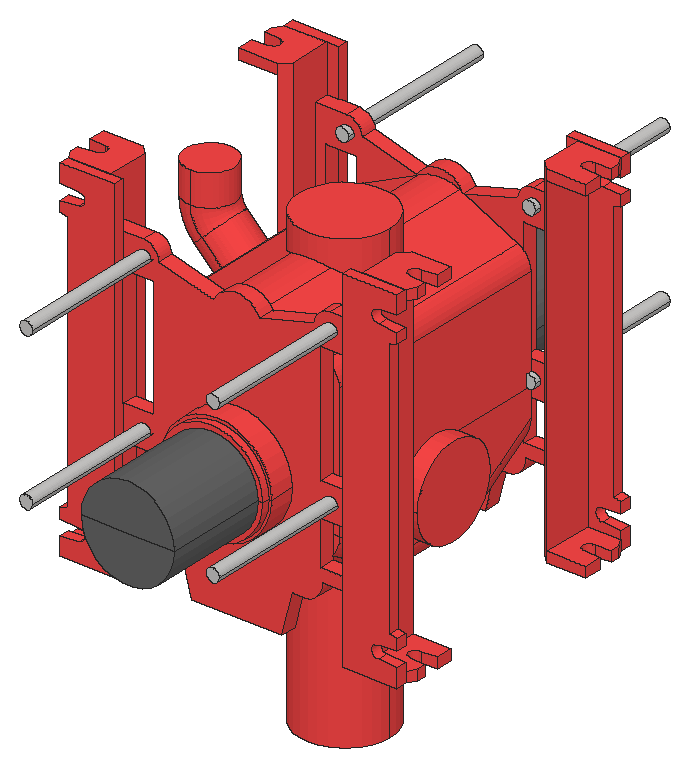
Revit family
Parameters (values of type "Standard Length")
  Vertical Pipe Nominal Radius = 2"
  Vertical Pipe Nominal Diameter = Vertical Pipe Nominal Radius * 2  # 4"
  Vent Nominal Radius = 1"
  Vent Nominal Diameter = Vent Nominal Radius * 2  # 2"
  Vent Flow = 0 GPM
  URL = "http://tylerpipe.com/"
  Type Comments = ""
  Slope Adjustment = yes
  Side Waste Inlet Standard Radius = 2"
  Side Waste Inlet Standard Diameter = Side Waste Inlet Standard Radius * 2  # 4"
  Rough-In Height [instance] = 0' - 6 1/2"
  Plastic Nipple Material = Plastic - Tyler Pipe - Black
  Plastic Nipple Length = 0' - 5"
  Pipe Material = Metal - Tyler Pipe - Cast Iron
  Model = "340-ND"
  Manufacturer = "Tyler Pipe"
  Main Out Flush = Main In Flow + Horizontal In Flow + Flush Flow 1 + Flush Flow 2 + Vent Flow  # 0 GPM
  Main In Flow = 0 GPM
  Horizontal In Flow = 0 GPM
  Horizontal Connection Height [instance] = 0' - 4 137/256"
  Horizontal Pipe Outer Radius = 2 3/16"
  Horizontal Pipe Nominal Radius = 2"
  Horizontal Pipe Nominal Diameter = Horizontal Pipe Nominal Radius * 2  # 4"
  Flush Flow 2 = 0 GPM
  Flush Flow 1 = 0 GPM
  Description = "Back To Back Adjustable Vertical No-Hub Carrier"
  CALC_Slope H = 0' - 0 7/64"
  CALC_Outlet Length = 0' - 5 1/4"
  CALC_Main Length = -0' - 10 3/8"
  Bracket Material = Metal - Tyler Pipe - Cast Iron
  Bolt Material = Metal - Tyler Pipe - Stainless Steel
  Bolt Length = 0' - 7 9/128"
  Assembly Code = "D2030100"
Reference planes (in)
  plane 1 "Center (Front/Back)": y = 0
  plane 2: z = 0
  plane 3 "Center (Left/Right)": x = 0
  plane 4 "Rough-In": z = 6.5
  plane 5 "Main Fitting Outlet": z = 4.42578
  plane 6 "Top": z = 17
  plane 7 "Support Foot Left": x = -8.375
  plane 8 "Support Foot Right": x = 8.375
  plane 9 "Carrier Faceplate Back": y = 7
  plane 10 "Carrier Faceplate Front": y = -7
  plane 11 "Faceplate Back": y = 6.5
  plane 12 "Faceplate Front": y = -6.5
  plane 13: x = -8.125
  plane 14: x = 8.125
  plane 15 "Bolts Left": x = -4.5
  plane 16 "Bolts Right": x = 4.5
  plane 17 "Bolts Front": y = -13.57031
  plane 18 "Bolts Back": y = 13.57031
  plane 19 "Main Fitting Inlet": z = 4.53516
  plane 20 "O": x = -1.5
  plane 21 "Outlet": x = 5.25
  plane 22 "Vent": x = 4
  plane 23 "V": z = 11.3959
  plane 24 "Bottom Side Inlet Geometry": z = 2.34777
  plane 25: z = 16.5
  plane 26: z = 0.5
  plane 27: x = -6.49997
  plane 28: x = 6.51229
  plane 29: z = 6.5
  plane 30: z = 6.5
  plane 31: z = 6.5
  plane 32 "Bolts Front Back": y = -5.48803
  plane 33 "Bolts Back Front": y = 5.48803
  plane 34: z = 6.5
  plane 35 "Side Inlet Front": y = -13.06327
  plane 36 "Side Inlet Back": y = 13.06327
  plane 37: y = -8.06327
  plane 38: y = 8.06327
  plane 39 "Inlet": x = -5.125
  plane 40 "Vent Height": z = 14.70546
Forms (in)
  Extrusion 1, solid, material "Metal - Tyler Pipe - Cast Iron" <- "Pipe Material", detail levels medium+fine
    sketch origin (5.25, 0, 4.42578) x (0, -1, 0) y (-0.010543, 0, -0.999944)
      loop
        circle (0, 0) r 2.1875
    from 0 to -10.375 <- "CALC_Main Length"
  Extrusion 2, solid, material "Metal - Tyler Pipe - Cast Iron" <- "Bracket Material", detail levels fine
    sketch origin (0, -7, 0) x (-1, 0, 0) y (0, 0, -1)
      loop
        line (8.12501, 0) -> (5.49997, 0) -> (5.49997, -16.99997) -> (8.12501, -16.99997) -> (8.12501, -16.11913) -> (7.22821, -16.05642)
        arc (7.22821, -16.05642) -> (6.91647, -15.74468) -> (7.22821, -15.43294) r 0.31174
        line (7.22821, -15.43294) -> (8.12498, -15.37024) -> (8.12498, -14.86967) -> (7.75, -14.7692) -> (7.75, -2.22548) -> (8.12498, -2.12501) -> (8.12498, -1.62445) -> (7.22821, -1.56174)
        arc (7.22821, -1.56174) -> (6.91647, -1.25) -> (7.22821, -0.93826) r 0.31174
        line (7.22821, -0.93826) -> (8.12501, -0.87555) -> (8.12501, 0)
      loop
        line (-5.49997, -16.99997) -> (-5.49997, 0) -> (-8.12501, 0) -> (-8.12501, -0.87555) -> (-7.22821, -0.93826)
        arc (-7.22821, -0.93826) -> (-6.91647, -1.25) -> (-7.22821, -1.56174) r 0.31174
        line (-7.22821, -1.56174) -> (-8.12498, -1.62445) -> (-8.12498, -2.12501) -> (-7.75, -2.22548) -> (-7.75, -14.7692) -> (-8.12498, -14.86967) -> (-8.12498, -15.37024) -> (-7.22821, -15.43294)
        arc (-7.22821, -15.43294) -> (-6.91647, -15.74468) -> (-7.22821, -16.05642) r 0.31174
        line (-7.22821, -16.05642) -> (-8.12501, -16.11913) -> (-8.12501, -16.99997) -> (-5.49997, -16.99997)
    from 0 to -0.5
  Extrusion 3, solid, material "Metal - Tyler Pipe - Cast Iron" <- "Bracket Material", detail levels fine
    sketch origin (0, 7, 0) x (-1, 0, 0) y (0, 0, 1)
      loop
        line (8.12501, 0) -> (8.12501, 0.87555) -> (7.22821, 0.93826)
        arc (7.22821, 0.93826) -> (6.91647, 1.25) -> (7.22821, 1.56174) r 0.31174
        line (7.22821, 1.56174) -> (8.12498, 1.62444) -> (8.12498, 2.12501) -> (7.75, 2.22548) -> (7.75, 14.7692) -> (8.12498, 14.86967) -> (8.12498, 15.37023) -> (7.22821, 15.43294)
        arc (7.22821, 15.43294) -> (6.91647, 15.74468) -> (7.22821, 16.05642) r 0.31174
        line (7.22821, 16.05642) -> (8.12501, 16.11913) -> (8.12501, 16.99997) -> (5.49997, 16.99997) -> (5.49997, 0) -> (8.12501, 0)
      loop
        line (-5.49997, 16.99997) -> (-8.12501, 16.99997) -> (-8.12501, 16.11913) -> (-7.22821, 16.05642)
        arc (-7.22821, 16.05642) -> (-6.91647, 15.74468) -> (-7.22821, 15.43294) r 0.31174
        line (-7.22821, 15.43294) -> (-8.12498, 15.37023) -> (-8.12498, 14.86967) -> (-7.75, 14.7692) -> (-7.75, 2.22548) -> (-8.12498, 2.12501) -> (-8.12498, 1.62444) -> (-7.22821, 1.56174)
        arc (-7.22821, 1.56174) -> (-6.91647, 1.25) -> (-7.22821, 0.93826) r 0.31174
        line (-7.22821, 0.93826) -> (-8.12501, 0.87555) -> (-8.12501, 0) -> (-5.49997, 0) -> (-5.49997, 16.99997)
    from 0 to -0.5
  Extrusion 4, solid, material "Metal - Tyler Pipe - Cast Iron" <- "Bracket Material", detail levels fine
    sketch origin (0, 0, 0) x (1, 0, 0) y (0, 1, 0)
      loop
        line (-8.37498, -6.0625) -> (-8.12501, -6.5) -> (-6.06247, -6.5) -> (-6.06247, -4.5) -> (-6.49997, -4.0625) -> (-8.37498, -4.0625) -> (-8.37498, -4.875) -> (-7.59946, -4.93854)
        arc (-7.59946, -4.93854) -> (-7.288, -5.25) -> (-7.59946, -5.56146) r 0.31146
        line (-7.59946, -5.56146) -> (-8.37498, -5.625) -> (-8.37498, -6.0625)
      loop
        line (6.06247, -4.5) -> (6.06247, -6.5) -> (8.12501, -6.5) -> (8.37498, -6.0625) -> (8.37498, -5.625) -> (7.59946, -5.56146)
        arc (7.59946, -5.56146) -> (7.288, -5.25) -> (7.59946, -4.93854) r 0.31146
        line (7.59946, -4.93854) -> (8.37498, -4.875) -> (8.37498, -4.0625) -> (6.49997, -4.0625) -> (6.06247, -4.5)
      loop
        line (8.37498, 6.0625) -> (8.12501, 6.5) -> (6.06247, 6.5) -> (6.06247, 4.5) -> (6.49997, 4.0625) -> (8.37498, 4.0625) -> (8.37498, 4.875) -> (7.59946, 4.93854)
        arc (7.59946, 4.93854) -> (7.288, 5.25) -> (7.59946, 5.56146) r 0.31146
        line (7.59946, 5.56146) -> (8.37498, 5.625) -> (8.37498, 6.0625)
      loop
        line (-8.37498, 6.0625) -> (-8.37498, 5.625) -> (-7.59946, 5.56146)
        arc (-7.59946, 5.56146) -> (-7.288, 5.25) -> (-7.59946, 4.93854) r 0.31146
        line (-7.59946, 4.93854) -> (-8.37498, 4.875) -> (-8.37498, 4.0625) -> (-6.49997, 4.0625) -> (-6.06247, 4.5) -> (-6.06247, 6.5) -> (-8.12501, 6.5) -> (-8.37498, 6.0625)
    from 0 to 17
  Extrusion 5, void
    sketch origin (0, 7, 0) x (-1, 0, 0) y (0, 0, 1)
      loop
        line (9.12254, 16.5) -> (6.49997, 16.5) -> (6.49997, 0.5) -> (9.12254, 0.5) -> (9.12254, 16.5)
      loop
        line (-9.26801, 16.5) -> (-9.26801, 0.5) -> (-6.51229, 0.5) -> (-6.51229, 16.5) -> (-9.26801, 16.5)
    from -13.5 to 0.5
  Extrusion 6, solid, material "Metal - Tyler Pipe - Cast Iron" <- "Bracket Material", detail levels fine
    sketch origin (0, -6.5, 0) x (-1, 0, 0) y (0, 0, -1)
      loop
        line (5.49997, -13.125) -> (5.49997, -7.3125) -> (4.03125, -7.3125) -> (4.03125, -13.125) -> (5.49997, -13.125)
      loop
        line (6.06247, -14.75) -> (6.06247, -2.9375) -> (4.13677, -2.9375)
        arc (4.13677, -2.9375) -> (3.90415, -2.27848) -> (3.26316, -2) r 0.875
        line (3.26316, -2) -> (2.685, -2) -> (2.18492, 0) -> (-2.18492, 0) -> (-2.685, -2) -> (-3.26316, -2)
        arc (-3.26316, -2) -> (-3.90415, -2.27848) -> (-4.13677, -2.9375) r 0.875
        line (-4.13677, -2.9375) -> (-6.06247, -2.9375) -> (-6.06247, -14.75) -> (-4.5, -14.75)
        arc (-4.5, -14.75) -> (-3.98825, -14.54828) -> (-3.75178, -14.05163) r 0.75
        line (-3.75178, -14.05163) -> (-1.11315, -13.31868)
        arc (-1.11315, -13.31868) -> (0, -14) -> (1.11315, -13.31868) r 1.25
        line (1.11315, -13.31868) -> (3.75178, -14.05163)
        arc (3.75178, -14.05163) -> (3.98825, -14.54828) -> (4.5, -14.75) r 0.75
        line (4.5, -14.75) -> (6.06247, -14.75)
      loop
        line (5.49997, -3.5625) -> (4.03125, -3.5625) -> (4.03125, -5.6875) -> (5.49997, -5.6875) -> (5.49997, -3.5625)
      loop
        line (-5.49997, -13.125) -> (-4.03125, -13.125) -> (-4.03125, -7.3125) -> (-5.49997, -7.3125) -> (-5.49997, -13.125)
      loop
        line (-5.49997, -3.5625) -> (-5.49997, -5.6875) -> (-4.03125, -5.6875) -> (-4.03125, -3.5625) -> (-5.49997, -3.5625)
    from 0 to -0.75
  Extrusion 7, solid, material "Metal - Tyler Pipe - Cast Iron" <- "Bracket Material", detail levels fine
    sketch origin (0, 6.5, 0) x (-1, 0, 0) y (0, 0, 1)
      loop
        line (5.49997, 13.125) -> (4.03125, 13.125) -> (4.03125, 7.3125) -> (5.49997, 7.3125) -> (5.49997, 13.125)
      loop
        line (6.06247, 14.75) -> (4.5, 14.75)
        arc (4.5, 14.75) -> (3.98825, 14.54828) -> (3.75178, 14.05163) r 0.75
        line (3.75178, 14.05163) -> (1.11315, 13.31868)
        arc (1.11315, 13.31868) -> (0, 14) -> (-1.11315, 13.31868) r 1.25
        line (-1.11315, 13.31868) -> (-3.75178, 14.05163)
        arc (-3.75178, 14.05163) -> (-3.98825, 14.54828) -> (-4.5, 14.75) r 0.75
        line (-4.5, 14.75) -> (-6.06247, 14.75) -> (-6.06247, 2.9375) -> (-4.13677, 2.9375)
        arc (-4.13677, 2.9375) -> (-3.90415, 2.27848) -> (-3.26316, 2) r 0.875
        line (-3.26316, 2) -> (-2.685, 2) -> (-2.18492, 0) -> (2.18492, 0) -> (2.685, 2) -> (3.26316, 2)
        arc (3.26316, 2) -> (3.90415, 2.27848) -> (4.13677, 2.9375) r 0.875
        line (4.13677, 2.9375) -> (6.06247, 2.9375) -> (6.06247, 14.75)
      loop
        line (5.49997, 3.5625) -> (5.49997, 5.6875) -> (4.03125, 5.6875) -> (4.03125, 3.5625) -> (5.49997, 3.5625)
      loop
        line (-5.49997, 13.125) -> (-5.49997, 7.3125) -> (-4.03125, 7.3125) -> (-4.03125, 13.125) -> (-5.49997, 13.125)
      loop
        line (-5.49997, 3.5625) -> (-4.03125, 3.5625) -> (-4.03125, 5.6875) -> (-5.49997, 5.6875) -> (-5.49997, 3.5625)
    from 0 to -0.75
  Revolve 8, solid, material "Metal - Tyler Pipe - Cast Iron" <- "Pipe Material", detail levels fine
    sketch origin (0, 0, 6.5) x (-1, 0, 0) y (0, -1, 0)
      loop
        line (0, 6.5) -> (2.64908, 6.5) -> (2.64908, 7.71875) -> (2.5, 7.71875) -> (2.5, 8.06327) -> (0, 8.06327) -> (0, 6.5)
      loop
        line (0, -6.5) -> (0, -8.06327) -> (2.5, -8.06327) -> (2.5, -7.71875) -> (2.64908, -7.71875) -> (2.64908, -6.5) -> (0, -6.5)
      axis (0, -8.06327) -> (0, 8.06327)
    angle from 0 to 360
  Extrusion 9, solid, material "Metal - Tyler Pipe - Stainless Steel" <- "Bolt Material", detail levels fine
    sketch origin (0, -6.5, 0) x (-1, 0, 0) y (0, 0, -1)
      loop
        circle (4.5, -14) r 0.3125
      loop
        circle (4.5, -6.5) r 0.3125
      loop
        circle (-4.5, -14) r 0.3125
      loop
        circle (-4.5, -6.5) r 0.3125
    from 7.07031 to -1.01197
  Extrusion 10, solid, material "Metal - Tyler Pipe - Stainless Steel" <- "Bolt Material", detail levels fine
    sketch origin (0, 6.5, 0) x (-1, 0, 0) y (0, 0, 1)
      loop
        circle (4.5, 14) r 0.3125
      loop
        circle (4.5, 6.5) r 0.3125
      loop
        circle (-4.5, 14) r 0.3125
      loop
        circle (-4.5, 6.5) r 0.3125
    from 7.07031 to -1.01197
  Revolve 11, solid, material "Plastic - Tyler Pipe - Black" <- "Plastic Nipple Material", detail levels medium+fine
    sketch origin (0, 0, 6.5) x (-1, 0, 0) y (0, -1, 0)
      loop
        line (0, 5.75) -> (0, 13.06327) -> (-2.25, 13.06327) -> (-2.25, 5.75) -> (0, 5.75)
      loop
        line (0, -5.75) -> (-2.25, -5.75) -> (-2.25, -13.06327) -> (0, -13.06327) -> (0, -5.75)
      axis (0, -13.06327) -> (0, 13.06327)
    angle from 0 to 360
  Extrusion 12, solid, material "Metal - Tyler Pipe - Cast Iron" <- "Bracket Material", detail levels medium
    sketch origin (0, 0, 4.42578) x (-1, 0, 0) y (0, -1, 0)
      loop
        line (8.375, -7) -> (8.375, -4.0625) -> (-8.375, -4.0625) -> (-8.375, -7) -> (8.375, -7)
      loop
        line (8.375, 7) -> (-8.375, 7) -> (-8.375, 4.0625) -> (8.375, 4.0625) -> (8.375, 7)
    from 12.57422 to -4.42578
  Extrusion 13, solid, material "Metal - Tyler Pipe - Cast Iron" <- "Pipe Material", detail levels fine
    sketch origin (0, -6.5, 0) x (-1, 0, 0) y (0, 0, -1)
      loop
        arc (3.73213, -12.08095) -> (4.18796, -11.67498) -> (4.36056, -11.0895) r 1.11114
        line (4.36056, -11.0895) -> (4.36056, -6.13768) -> (-4.36056, -6.13768) -> (-4.36056, -11.0895)
        arc (-4.36056, -11.0895) -> (-4.18796, -11.67498) -> (-3.73213, -12.08095) r 1.11114
        line (-3.73213, -12.08095) -> (-0.93697, -13.42897)
        arc (-0.93697, -13.42897) -> (0, -13.64311) -> (0.93697, -13.42897) r 2.15697
        line (0.93697, -13.42897) -> (3.73213, -12.08095)
    from -0.75 to -12.25
  Sweep 14, solid, material "Metal - Tyler Pipe - Cast Iron" <- "Pipe Material", detail levels fine
    path origin (0, 0, 0) x (0, 1, 0) y (0, 0, 1)
      loop
        line (-5.75, 5.24184) -> (-1.92239, 2.87906) -> (1.79739, 2.87906) -> (5.625, 5.24184)
    profile origin (0, -3.83619, 4.06045) x (0, 0.525279, 0.85093) y (1, 0, 0)
      loop
        arc (-0.5, 4.36056) -> (-0.92032, 4.27415) -> (-1.27655, 4.03491) r 1.11114
        arc (-1.27655, 4.03491) -> (-1.8423, 2.75045) -> (-2.41142, 1.46748) r 534.00949
        arc (-2.41142, 1.46748) -> (-2.48755, 1.28006) -> (-2.55113, 1.08801) r 3.0625
        line (-2.55113, 1.08801) -> (-2.55113, -1.08801)
        arc (-2.55113, -1.08801) -> (-2.48755, -1.28006) -> (-2.41142, -1.46748) r 3.0625
        arc (-2.41142, -1.46748) -> (-1.8423, -2.75045) -> (-1.27655, -4.03491) r 534.00949
        arc (-1.27655, -4.03491) -> (-0.92032, -4.27415) -> (-0.5, -4.36056) r 1.11114
        line (-0.5, -4.36056) -> (-0.5, 4.36056)
  Extrusion 15, void
    sketch origin (0, 0, 0) x (0, 1, 0) y (0, 0, 1)
      loop
        line (-5.75, 8.0625) -> (-10, 8.0625) -> (-10, 1.5625) -> (-5.75, 1.5625) -> (-5.75, 8.0625)
      loop
        line (5.75, 8.0625) -> (5.75, 1.5625) -> (10, 1.5625) -> (10, 8.0625) -> (5.75, 8.0625)
    from 4.5 to -4.5
  Extrusion 16, solid, material "Metal - Tyler Pipe - Cast Iron" <- "Pipe Material", detail levels medium+fine
    sketch origin (0, 0, 0) x (0, 1, 0) y (0, 0, 1)
      loop
        line (-5.75, 6.13768) -> (-5.75, 4.65425) -> (-2.06428, 2.37906) -> (1.93928, 2.37906) -> (5.75, 4.73141) -> (5.75, 6.13768) -> (-5.75, 6.13768)
    from 4.36056 to -4.36056
  Sweep 17, solid, material "Metal - Tyler Pipe - Cast Iron" <- "Pipe Material", detail levels medium+fine
    path origin (0, 0, 0) x (1, 0, 0) y (0, 0, 1)
      loop
        line (-6.4992, 14.70546) -> (-6.4992, 13.19483)
        arc (-6.4992, 13.19483) -> (-6.36339, 12.51204) -> (-5.97662, 11.9332) r 1.78422
        line (-5.97662, 11.9332) -> (-1.02687, 6.98345)
    profile origin (-6.4992, 0, 13.95014) x (0, -1, 0) y (1, 0, 0)
      loop
        circle (0, 0) r 1.17578
  Extrusion 18, solid, material "Metal - Tyler Pipe - Cast Iron" <- "Pipe Material", detail levels medium+fine
    sketch origin (0, 0, 4.53516) x (-1, 0, 0) y (0, -1, 0)
      loop
        circle (0, 0) r 2.1875
    from 10.1703 to -11.82555
Cuts and joins
  Extrusion 5 cuts Extrusion 4
  Extrusion 15 cuts Sweep 14
Lines and regions (in)
  reference lines, not visible
    curve 1: line (-5.125, 0, 4.53517) -> (5.25, 0, 4.42578)
  model lines, detail levels coarse
    curve 2: line (-5.125, 0, 4.53517) -> (0, 0, 4.48113)
    curve 3: line (0, 13.06327, 6.5) -> (0, -13.06327, 6.5)
    curve 4: line (0, 0, 14.70546) -> (0, 0, -7.2904)
    curve 5: line (-6.49997, 0, 14.70546) -> (-6.49997, 0, 13.4557)
    curve 6: line (-6.49997, 0, 13.4557) -> (0, 0, 11.3959)
Dimensions and locks (in)
  "Rough-In Height": plane 4 "Rough-In" to plane 2
  equal spacing: plane 8 "Support Foot Right", plane 3 "Center (Left/Right)", plane 7 "Support Foot Left"
  locked: plane 6 "Top" to plane 2 at 17
  locked: plane 9 "Carrier Faceplate Back" to plane 10 "Carrier Faceplate Front" at 14
  equal spacing: plane 9 "Carrier Faceplate Back", plane 1 "Center (Front/Back)", plane 10 "Carrier Faceplate Front"
  locked: plane 9 "Carrier Faceplate Back" to plane 11 "Faceplate Back" at 0.5
  locked: plane 10 "Carrier Faceplate Front" to plane 12 "Faceplate Front" at 0.5
  locked: plane 13 to plane 7 "Support Foot Left" at 0.25
  locked: plane 14 to plane 8 "Support Foot Right" at 0.25
  equal spacing: plane 17 "Bolts Front", plane 1 "Center (Front/Back)", plane 18 "Bolts Back"
  "Bolt Length": plane 17 "Bolts Front" to plane 12 "Faceplate Front"
  equal spacing: plane 15 "Bolts Left", plane 3 "Center (Left/Right)", plane 16 "Bolts Right"
  locked: plane 15 "Bolts Left" to plane 16 "Bolts Right" at 9
  plane 20 "O" to plane 3 "Center (Left/Right)" = 0' - 1 1/2"
  "CALC_Outlet Length": plane 3 "Center (Left/Right)" to plane 21 "Outlet"
  "CALC_Slope H": plane 19 "Main Fitting Inlet" to plane 5 "Main Fitting Outlet"
  locked: plane 3 "Center (Left/Right)" to plane 22 "Vent" at 4
  locked: plane 19 "Main Fitting Inlet" to plane 24 "Bottom Side Inlet Geometry" at 2.18738
  locked: plane 6 "Top" to plane 25 at 0.5
  locked: plane 26 to level at 0.5
  locked: plane 23 "V" to plane 5 "Main Fitting Outlet" at 6.97012
  locked: Extrusion 6 sketch curve to plane 29 at 8.25  (x2)
  locked: plane 29 to Extrusion 6 sketch curve at 3.5625  (x2)
  locked: Extrusion 6 sketch curve to plane 29 at 6.625  (x2)
  locked: plane 29 to Extrusion 6 sketch curve at 2.9375  (x2)
  locked: plane 29 to Extrusion 6 sketch curve at 6.5
  locked: Extrusion 7 sketch curve to plane 30 at 8.25  (x2)
  locked: plane 30 to Extrusion 7 sketch curve at 3.5625  (x2)
  locked: plane 30 to Extrusion 7 sketch curve at 2.9375  (x2)
  locked: Extrusion 7 sketch curve to plane 30 at 6.625  (x2)
  locked: plane 30 to Extrusion 7 sketch curve at 6.5
  locked: Extrusion 9 sketch curve to plane 31 at 7.5  (x2)
  locked: Extrusion 6 sketch curve to plane 29 at 0.8125  (x2)
  locked: plane 29 to Extrusion 6 sketch curve at 0.8125  (x2)
  locked: Extrusion 7 sketch curve to plane 30 at 0.8125  (x2)
  locked: plane 30 to Extrusion 7 sketch curve at 0.8125  (x2)
  locked: plane 12 "Faceplate Front" to plane 32 "Bolts Front Back" at 1.01197
  locked: plane 11 "Faceplate Back" to plane 33 "Bolts Back Front" at 1.01197
  locked: Extrusion 10 sketch curve to plane 34 at 7.5  (x2)
  locked: plane 38 to plane 9 "Carrier Faceplate Back" at 1.06327
  locked: plane 37 to plane 10 "Carrier Faceplate Front" at 1.06327
  "Plastic Nipple Length": plane 35 "Side Inlet Front" to plane 37
  "Plastic Nipple Length": plane 38 to plane 36 "Side Inlet Back"
  locked: plane 9 "Carrier Faceplate Back" to Extrusion 12 sketch curve at 2.9375
  locked: plane 10 "Carrier Faceplate Front" to Extrusion 12 sketch curve at 2.9375
  locked: Extrusion 6 sketch curve to plane 29 at 6.25
  locked: plane 29 to Extrusion 6 sketch curve at 3.625  (x2)
  locked: Extrusion 6 sketch curve to plane 29 at 6.81868  (x2)
  locked: plane 30 to Extrusion 7 sketch curve at 6.25
  locked: Extrusion 7 sketch curve to plane 30 at 3.625  (x2)
  locked: plane 30 to Extrusion 7 sketch curve at 6.81868  (x2)
  locked: Extrusion 13 sketch curve to plane 5 "Main Fitting Outlet" at 1.7119
  locked: Extrusion 13 sketch curve to plane 5 "Main Fitting Outlet" at 6.66372  (x2)
  locked: Extrusion 13 sketch curve to plane 5 "Main Fitting Outlet" at 7.65516  (x2)
  locked: Extrusion 13 sketch curve to plane 5 "Main Fitting Outlet" at 9.00319  (x2)
  locked: Sweep 17 sketch curve to plane 5 "Main Fitting Outlet" at 2.55767
  locked: Sweep 17 sketch curve to plane 5 "Main Fitting Outlet" at 7.50741
  locked: Sweep 17 sketch curve to plane 5 "Main Fitting Outlet" at 8.76905
  locked: Sweep 17 sketch curve to plane 5 "Main Fitting Outlet" at 10.27967
  "Horizontal Connection Height": plane 19 "Main Fitting Inlet" to level
  locked: Sweep 14 sketch curve to plane 19 "Main Fitting Inlet" at 0.70668  (x2)
  locked: plane 19 "Main Fitting Inlet" to Sweep 14 sketch curve at 1.6561  (x2)
  locked: Extrusion 15 sketch curve to plane 19 "Main Fitting Inlet" at 3.52734  (x2)
  locked: Extrusion 15 sketch curve to Extrusion 15 sketch curve at 6.5  (x2)
  locked: Extrusion 18 to Extrusion 18 at 21.99585
  locked: plane 21 "Outlet" to plane 39 "Inlet" at 10.375
  locked: plane 40 "Vent Height" to plane 5 "Main Fitting Outlet" at 10.27967
  "Horizontal Pipe Outer Radius": radius of Extrusion 1 sketch curve
  radius of Sweep 17 sketch curve = 0' - 1 45/256"
  radius of Extrusion 18 sketch curve = 0' - 2 3/16"
  aligned and locked: level to plane 2
  aligned and locked: plane 21 "Outlet" to curve 1
  aligned and locked: plane 5 "Main Fitting Outlet" to curve 1
  aligned: curve 1 to Extrusion 1  (x4)
  aligned and locked: Extrusion 2 to plane 12 "Faceplate Front"
  aligned and locked: plane 10 "Carrier Faceplate Front" to Extrusion 2
  aligned and locked: Extrusion 3 to plane 11 "Faceplate Back"
  aligned and locked: plane 9 "Carrier Faceplate Back" to Extrusion 3
  aligned and locked: plane 6 "Top" to Extrusion 4
  aligned and locked: Extrusion 4 to level
  aligned and locked: plane 4 "Rough-In" to plane 29
  aligned and locked: plane 4 "Rough-In" to plane 30
  aligned and locked: Revolve 8 sketch curve to plane 3 "Center (Left/Right)"
  aligned and locked: plane 4 "Rough-In" to plane 31
  aligned and locked: plane 31 to Extrusion 9 sketch curve
  aligned and locked: Extrusion 9 sketch curve to plane 31
  aligned and locked: Extrusion 9 to plane 17 "Bolts Front"
  aligned and locked: plane 32 "Bolts Front Back" to Extrusion 9
  aligned and locked: plane 34 to Extrusion 10 sketch curve
  aligned and locked: Extrusion 10 sketch curve to plane 34
  aligned and locked: Extrusion 10 to plane 18 "Bolts Back"
  aligned and locked: plane 33 "Bolts Back Front" to Extrusion 10
  aligned and locked: plane 35 "Side Inlet Front" to Revolve 11 sketch curve
  aligned and locked: Revolve 11 sketch curve to plane 36 "Side Inlet Back"
  aligned and locked: Revolve 11 sketch curve to plane 3 "Center (Left/Right)"
  aligned and locked: Extrusion 7 to Revolve 11 sketch curve
  aligned and locked: Revolve 11 sketch curve to Extrusion 6
  aligned and locked: Extrusion 12 sketch curve to plane 8 "Support Foot Right"
  aligned and locked: plane 8 "Support Foot Right" to Extrusion 12 sketch curve
  aligned and locked: Extrusion 12 sketch curve to plane 7 "Support Foot Left"
  aligned and locked: plane 7 "Support Foot Left" to Extrusion 12 sketch curve
  aligned and locked: plane 10 "Carrier Faceplate Front" to Extrusion 12 sketch curve
  aligned and locked: Extrusion 12 sketch curve to plane 9 "Carrier Faceplate Back"
  aligned and locked: plane 6 "Top" to Extrusion 12
  aligned and locked: Extrusion 12 to level
  aligned and locked: Extrusion 13 to Extrusion 6
  aligned and locked: Extrusion 16 sketch curve to Extrusion 13
  aligned and locked: plane 4 "Rough-In" to plane 34
  aligned and locked: plane 3 "Center (Left/Right)" to Extrusion 18 sketch curve
  aligned and locked: plane 1 "Center (Front/Back)" to Extrusion 18 sketch curve
  aligned and locked: Extrusion 18 to Sweep 17
  aligned and locked: plane 39 "Inlet" to curve 1
  aligned and locked: plane 39 "Inlet" to curve 2
  aligned and locked: plane 3 "Center (Left/Right)" to curve 2
  aligned and locked: plane 36 "Side Inlet Back" to curve 3
  aligned and locked: plane 35 "Side Inlet Front" to curve 3
  aligned and locked: curve 3 to plane 3 "Center (Left/Right)"
  aligned and locked: Extrusion 18 to curve 4  (x2)
  aligned and locked: curve 4 to plane 3 "Center (Left/Right)"
  aligned and locked: plane 23 "V" to curve 6
  aligned and locked: plane 3 "Center (Left/Right)" to curve 6
  aligned and locked: curve 5 to plane 27
  aligned and locked: plane 40 "Vent Height" to curve 5
Automatic sketch dimensions
  Extrusion 1 sketch curve to plane 1 "Center (Front/Back)" = 0' - 0"
  Extrusion 2 sketch curve to level = 0' - 0"  (x2)
  plane 14 to Extrusion 2 sketch curve = 0' - 0"  (x2)
  Extrusion 2 sketch curve to plane 14 = 0' - 0"  (x2)
  Extrusion 2 sketch curve to plane 14 = 0' - 0 3/8"
  Extrusion 2 sketch curve to plane 28 = 0' - 0.71591"  (x2)
  plane 6 "Top" to Extrusion 2 sketch curve = 0' - 0.00003"  (x2)
  plane 16 "Bolts Right" to Extrusion 2 sketch curve = 0' - 0.99997"
  plane 15 "Bolts Left" to Extrusion 2 sketch curve = 0' - 0.99997"
  plane 27 to Extrusion 2 sketch curve = 0' - 0.72823"  (x2)
  Extrusion 2 sketch curve to plane 26 = 0' - 0.43826"  (x2)
  Extrusion 2 sketch curve to plane 13 = 0' - 0 3/8"
  Extrusion 2 sketch curve to plane 13 = 0' - 0"  (x2)
  plane 13 to Extrusion 2 sketch curve = 0' - 0"  (x2)
  Extrusion 2 sketch curve to plane 26 = 0' - 0.37555"  (x2)
  Extrusion 2 sketch curve to Extrusion 2 sketch curve = 0' - 0.31174"  (x4)
  Extrusion 2 sketch curve to Extrusion 2 sketch curve = 0' - 0.7489"  (x2)
  Extrusion 2 sketch curve to Extrusion 2 sketch curve = 0' - 0.50056"  (x4)
  Extrusion 2 sketch curve to Extrusion 2 sketch curve = 0' - 0.10047"  (x4)
  plane 25 to Extrusion 2 sketch curve = 0' - 1.7308"  (x2)
  Extrusion 2 sketch curve to Extrusion 2 sketch curve = 0' - 0.66374"  (x2)
  plane 25 to Extrusion 2 sketch curve = 0' - 0.38087"  (x2)
  Extrusion 3 sketch curve to level = 0' - 0"  (x2)
  Extrusion 3 sketch curve to plane 14 = 0' - 0"  (x2)
  plane 14 to Extrusion 3 sketch curve = 0' - 0"  (x2)
  plane 14 to Extrusion 3 sketch curve = 0' - 0 3/8"
  plane 28 to Extrusion 3 sketch curve = 0' - 0.71591"  (x2)
  Extrusion 3 sketch curve to plane 6 "Top" = 0' - 0.00003"  (x2)
  Extrusion 3 sketch curve to plane 16 "Bolts Right" = 0' - 0.99997"
  Extrusion 3 sketch curve to plane 15 "Bolts Left" = 0' - 0.99997"
  Extrusion 3 sketch curve to plane 27 = 0' - 0.72823"  (x2)
  plane 26 to Extrusion 3 sketch curve = 0' - 0.43826"  (x2)
  plane 13 to Extrusion 3 sketch curve = 0' - 0 3/8"
  plane 13 to Extrusion 3 sketch curve = 0' - 0"  (x2)
  Extrusion 3 sketch curve to plane 13 = 0' - 0"  (x2)
  plane 26 to Extrusion 3 sketch curve = 0' - 0.37555"  (x2)
  Extrusion 3 sketch curve to Extrusion 3 sketch curve = 0' - 0.31174"  (x4)
  Extrusion 3 sketch curve to Extrusion 3 sketch curve = 0' - 0.7489"  (x2)
  Extrusion 3 sketch curve to Extrusion 3 sketch curve = 0' - 0.50056"  (x4)
  Extrusion 3 sketch curve to Extrusion 3 sketch curve = 0' - 0.10047"  (x4)
  Extrusion 3 sketch curve to plane 25 = 0' - 1.7308"  (x2)
  Extrusion 3 sketch curve to Extrusion 3 sketch curve = 0' - 0.66374"  (x2)
  Extrusion 3 sketch curve to plane 25 = 0' - 0.38087"  (x2)
  plane 12 "Faceplate Front" to Extrusion 4 sketch curve = 0' - 0"  (x2)
  Extrusion 4 sketch curve to plane 11 "Faceplate Back" = 0' - 0"  (x2)
  Extrusion 4 sketch curve to plane 27 = 0' - 0"  (x2)
  plane 13 to Extrusion 4 sketch curve = 0' - 0.52554"  (x2)
  Extrusion 4 sketch curve to plane 13 = 0' - 0"  (x2)
  plane 7 "Support Foot Left" to Extrusion 4 sketch curve = 0' - 0.00002"  (x4)
  plane 27 to Extrusion 4 sketch curve = 0' - 0 7/16"  (x2)
  Extrusion 4 sketch curve to plane 28 = 0' - 0.44982"  (x2)
  Extrusion 4 sketch curve to plane 28 = 0' - 0.01232"  (x2)
  plane 14 to Extrusion 4 sketch curve = 0' - 0.52554"  (x2)
  plane 32 "Bolts Front Back" to Extrusion 4 sketch curve = 0' - 0.23803"  (x2)
  Extrusion 4 sketch curve to plane 14 = 0' - 0"  (x2)
  plane 8 "Support Foot Right" to Extrusion 4 sketch curve = 0' - 0.00002"  (x4)
  Extrusion 4 sketch curve to plane 12 "Faceplate Front" = 0' - 0 7/16"  (x2)
  Extrusion 4 sketch curve to plane 32 "Bolts Front Back" = 0' - 0.13697"  (x2)
  Extrusion 4 sketch curve to plane 32 "Bolts Front Back" = 0' - 0.07343"  (x2)
  plane 32 "Bolts Front Back" to Extrusion 4 sketch curve = 0' - 0.61303"  (x2)
  plane 32 "Bolts Front Back" to Extrusion 4 sketch curve = 0' - 0.98803"  (x2)
  Extrusion 4 sketch curve to Extrusion 4 sketch curve = 0' - 0 13/16"  (x2)
  plane 33 "Bolts Back Front" to Extrusion 4 sketch curve = 0' - 1.42553"  (x2)
  Extrusion 4 sketch curve to Extrusion 4 sketch curve = 0' - 0 7/16"  (x2)
  plane 33 "Bolts Back Front" to Extrusion 4 sketch curve = 0' - 0.61303"  (x2)
  plane 33 "Bolts Back Front" to Extrusion 4 sketch curve = 0' - 0.54949"  (x2)
  plane 33 "Bolts Back Front" to Extrusion 4 sketch curve = 0' - 0.23803"  (x2)
  Extrusion 4 sketch curve to plane 33 "Bolts Back Front" = 0' - 0.13697"  (x2)
  Extrusion 4 sketch curve to plane 11 "Faceplate Back" = 0' - 0 7/16"  (x2)
  Extrusion 5 sketch curve to plane 26 = 0' - 0"  (x2)
  Extrusion 5 sketch curve to plane 25 = 0' - 0"  (x2)
  Extrusion 5 sketch curve to plane 28 = 0' - 0"
  Extrusion 5 sketch curve to plane 27 = 0' - 0"
  Extrusion 5 sketch curve to plane 8 "Support Foot Right" = 0' - 0.89301"
  Extrusion 5 sketch curve to plane 7 "Support Foot Left" = 0' - 0.74754"
  plane 16 "Bolts Right" to Extrusion 6 sketch curve = 0' - 0"
  Extrusion 6 sketch curve to plane 3 "Center (Left/Right)" = 0' - 0"
  Extrusion 6 sketch curve to plane 15 "Bolts Left" = 0' - 0"
  plane 16 "Bolts Right" to Extrusion 6 sketch curve = 0' - 0.99997"  (x2)
  plane 28 to Extrusion 6 sketch curve = 0' - 0.44982"
  Extrusion 6 sketch curve to plane 22 "Vent" = 0' - 0.13677"
  Extrusion 6 sketch curve to plane 22 "Vent" = 0' - 0 1/32"  (x2)
  plane 22 "Vent" to Extrusion 6 sketch curve = 0' - 0.24822"
  plane 22 "Vent" to Extrusion 6 sketch curve = 0' - 0.736"
  plane 22 "Vent" to Extrusion 6 sketch curve = 0' - 0.73684"
  Extrusion 6 sketch curve to Extrusion 6 sketch curve = 0' - 0.57816"  (x2)
  plane 22 "Vent" to Extrusion 6 sketch curve = 0' - 1.81508"
  Extrusion 6 sketch curve to plane 20 "O" = 0' - 0.38685"
  plane 20 "O" to Extrusion 6 sketch curve = 0' - 0.68492"
  plane 20 "O" to Extrusion 6 sketch curve = 0' - 1.185"
  Extrusion 6 sketch curve to Extrusion 6 sketch curve = 0' - 0.00084"
  Extrusion 6 sketch curve to plane 15 "Bolts Left" = 0' - 0.74822"
  Extrusion 6 sketch curve to plane 15 "Bolts Left" = 0' - 0 15/32"  (x2)
  Extrusion 6 sketch curve to plane 15 "Bolts Left" = 0' - 0.36323"
  plane 15 "Bolts Left" to Extrusion 6 sketch curve = 0' - 0.99997"  (x2)
  Extrusion 6 sketch curve to plane 27 = 0' - 0 7/16"
  Extrusion 6 sketch curve to Extrusion 6 sketch curve = 0' - 0 3/4"  (x2)
  plane 16 "Bolts Right" to Extrusion 7 sketch curve = 0' - 0"
  Extrusion 7 sketch curve to plane 3 "Center (Left/Right)" = 0' - 0"
  Extrusion 7 sketch curve to plane 15 "Bolts Left" = 0' - 0"
  Extrusion 7 sketch curve to plane 16 "Bolts Right" = 0' - 0.99997"  (x2)
  Extrusion 7 sketch curve to Extrusion 7 sketch curve = 0' - 0"
  Extrusion 7 sketch curve to plane 28 = 0' - 0.44982"
  plane 22 "Vent" to Extrusion 7 sketch curve = 0' - 0.13677"
  plane 22 "Vent" to Extrusion 7 sketch curve = 0' - 0 1/32"  (x2)
  Extrusion 7 sketch curve to plane 22 "Vent" = 0' - 0.24822"
  Extrusion 7 sketch curve to plane 22 "Vent" = 0' - 0.736"
  Extrusion 7 sketch curve to plane 22 "Vent" = 0' - 0.73684"
  Extrusion 7 sketch curve to Extrusion 7 sketch curve = 0' - 0.57816"  (x2)
  Extrusion 7 sketch curve to plane 22 "Vent" = 0' - 1.81508"
  plane 20 "O" to Extrusion 7 sketch curve = 0' - 0.38685"
  Extrusion 7 sketch curve to plane 20 "O" = 0' - 0.68492"
  Extrusion 7 sketch curve to plane 20 "O" = 0' - 1.185"
  Extrusion 7 sketch curve to Extrusion 7 sketch curve = 0' - 0.00084"
  plane 15 "Bolts Left" to Extrusion 7 sketch curve = 0' - 0.74822"
  plane 15 "Bolts Left" to Extrusion 7 sketch curve = 0' - 0 15/32"  (x2)
  plane 15 "Bolts Left" to Extrusion 7 sketch curve = 0' - 0.36323"
  Extrusion 7 sketch curve to plane 15 "Bolts Left" = 0' - 0.99997"  (x2)
  plane 27 to Extrusion 7 sketch curve = 0' - 0 7/16"
  Extrusion 7 sketch curve to Extrusion 7 sketch curve = 0' - 0 3/4"  (x2)
  Revolve 8 sketch curve to plane 3 "Center (Left/Right)" = 0' - 0"  (x2)
  Revolve 8 sketch curve to plane 11 "Faceplate Back" = 0' - 0"
  plane 12 "Faceplate Front" to Revolve 8 sketch curve = 0' - 0"
  Revolve 8 sketch curve to plane 20 "O" = 0' - 1"  (x2)
  Revolve 8 sketch curve to plane 20 "O" = 0' - 1.14908"  (x2)
  plane 9 "Carrier Faceplate Back" to Revolve 8 sketch curve = 0' - 0 23/32"
  plane 9 "Carrier Faceplate Back" to Revolve 8 sketch curve = 0' - 1.06327"
  Revolve 8 sketch curve to Revolve 8 sketch curve = 0' - 2"
  plane 10 "Carrier Faceplate Front" to Revolve 8 sketch curve = 0' - 0 23/32"
  plane 10 "Carrier Faceplate Front" to Revolve 8 sketch curve = 0' - 1.06327"
  Revolve 8 sketch curve to Revolve 8 sketch curve = 0' - 1.37346"
  plane 16 "Bolts Right" to Extrusion 9 sketch curve = 0' - 0"  (x2)
  Extrusion 9 sketch curve to plane 15 "Bolts Left" = 0' - 0"  (x2)
  plane 16 "Bolts Right" to Extrusion 10 sketch curve = 0' - 0"  (x2)
  Extrusion 10 sketch curve to plane 15 "Bolts Left" = 0' - 0"  (x2)
  Revolve 11 sketch curve to plane 3 "Center (Left/Right)" = 0' - 0"  (x2)
  Revolve 11 sketch curve to plane 22 "Vent" = 0' - 1 3/4"  (x2)
  Revolve 11 sketch curve to plane 18 "Bolts Back" = 0' - 0.57881"
  plane 17 "Bolts Front" to Revolve 11 sketch curve = 0' - 0.05528"
  Extrusion 13 sketch curve to plane 3 "Center (Left/Right)" = 0' - 0"
  Extrusion 13 sketch curve to plane 3 "Center (Left/Right)" = 0' - 0.93697"
  plane 22 "Vent" to Extrusion 13 sketch curve = 0' - 0.75054"
  plane 22 "Vent" to Extrusion 13 sketch curve = 0' - 0.26787"
  Extrusion 13 sketch curve to plane 16 "Bolts Right" = 0' - 0.13944"
  Extrusion 13 sketch curve to plane 15 "Bolts Left" = 0' - 1.25054"
  Extrusion 13 sketch curve to plane 15 "Bolts Left" = 0' - 0.76787"
  Extrusion 13 sketch curve to plane 15 "Bolts Left" = 0' - 0.13944"
  Extrusion 13 sketch curve to plane 23 "V" = 0' - 0.09024"
  plane 17 "Bolts Front" to Sweep 14 sketch curve = 0' - 7 105/128"
  plane 17 "Bolts Front" to Sweep 14 sketch curve = 0' - 11.64792"
  plane 35 "Side Inlet Front" to Sweep 14 sketch curve = 1' - 2.86066"
  Sweep 14 sketch curve to plane 10 "Carrier Faceplate Front" = 1' - 0 5/8"
  plane 37 to Extrusion 15 sketch curve = 0' - 1.93673"
  Extrusion 15 sketch curve to plane 32 "Bolts Front Back" = 0' - 0.26197"
  Extrusion 15 sketch curve to plane 33 "Bolts Back Front" = 0' - 0.26197"
  plane 38 to Extrusion 15 sketch curve = 0' - 1.93673"
  plane 1 "Center (Front/Back)" to Sweep 17 sketch curve = 0' - 0"
  Sweep 17 sketch curve to profile plane = 0' - 0"
  profile plane to Sweep 14 sketch curve = 40' - 10.26389"
  Sweep 14 sketch curve to Sweep 14 sketch curve = 0' - 0"  (x3)
  plane 3 "Center (Left/Right)" to Sweep 14 sketch curve = 0' - 1.08801"
  profile plane to Sweep 14 sketch curve = 0' - 2.55113"
  Sweep 14 sketch curve to Sweep 14 sketch curve = 0' - 0.13971"  (x2)
  profile plane to Sweep 14 sketch curve = 0' - 1.27655"  (x2)
  profile plane to Sweep 14 sketch curve = 0' - 0 1/2"
  profile plane to Sweep 14 sketch curve = 0' - 0.49061"  (x2)
  plane 3 "Center (Left/Right)" to Sweep 14 sketch curve = 0' - 0.22199"
  Sweep 14 sketch curve to profile plane = 0' - 0.38637"  (x2)
  Sweep 14 sketch curve to plane 3 "Center (Left/Right)" = 0' - 0.22199"
  Sweep 14 sketch curve to plane 3 "Center (Left/Right)" = 0' - 1.08801"
  Sweep 14 sketch curve to Sweep 14 sketch curve = 0' - 0.78545"  (x2)
  plane 19 "Main Fitting Inlet" to Extrusion 16 sketch curve = 0' - 0.11909"
  Extrusion 16 sketch curve to plane 32 "Bolts Front Back" = 0' - 0.26197"
  Extrusion 16 sketch curve to plane 24 "Bottom Side Inlet Geometry" = 0' - 0.03128"
  plane 1 "Center (Front/Back)" to Extrusion 16 sketch curve = 0' - 2.06428"
  Extrusion 16 sketch curve to plane 1 "Center (Front/Back)" = 0' - 1.93928"
  Extrusion 16 sketch curve to plane 33 "Bolts Back Front" = 0' - 0.26197"
  plane 19 "Main Fitting Inlet" to Extrusion 16 sketch curve = 0' - 0.19625"
  plane 27 to Sweep 17 sketch curve = 0' - 0.00077"
  plane 27 to Sweep 17 sketch curve = 0' - 0.52336"
  plane 20 "O" to Sweep 17 sketch curve = 0' - 0.47313"
  plane 19 "Main Fitting Inlet" to curve 1 = 0' - 0"
  curve 1 to curve 2 = 0' - 0"
  curve 5 to curve 5 = 0' - 1.24976"
  radius of Extrusion 9 sketch curve = 0' - 0 5/16"  (x4)
  radius of Extrusion 10 sketch curve = 0' - 0 5/16"  (x4)
Connectors (in)
  piping at (-5.12442, 0, 4.53516), driven by "Horizontal In Flow", driven by "Horizontal Pipe Nominal Radius", driven by "Slope Adjustment"
    settings: on Extrusion 1, index 2, connector radius 2", flow factor 0, pipe flow 0 GPM, pressure drop 0.00 psi, fitting loss kfactor 0, connector angle 0.00°, fixture units 0, flow configuration 0, flow direction 1, fitting loss method 0, system type 16, connector reference index -1, connector utility 0, adjustable connector yes, is connector primary no, fitting loss table "", connector description "Sanitary Inlet"
  piping at (0, -13.06327, 6.5), driven by "Flush Flow 1", driven by "Side Waste Inlet Standard Radius", driven by "Slope Adjustment"
    settings: on Revolve 11, index 4, connector radius 2", flow factor 0, pipe flow 0 GPM, pressure drop 0.00 psi, fitting loss kfactor 0, connector angle 0.00°, fixture units 0, flow configuration 0, flow direction 1, fitting loss method 0, system type 16, connector reference index -1, connector utility 0, adjustable connector yes, is connector primary no, fitting loss table "", connector description "Sanitary Inlet"
  piping at (0, 13.06327, 6.5), driven by "Side Waste Inlet Standard Radius", driven by "Slope Adjustment", driven by "Flush Flow 2"
    settings: on Revolve 11, index 5, connector radius 2", flow factor 0, pipe flow 0 GPM, pressure drop 0.00 psi, fitting loss kfactor 0, connector angle 0.00°, fixture units 0, flow configuration 0, flow direction 1, fitting loss method 0, system type 16, connector reference index -1, connector utility 0, adjustable connector yes, is connector primary no, fitting loss table "", connector description "Sanitary Inlet"
  piping at (0, 0, 14.70546), driven by "Main In Flow", driven by "Vertical Pipe Nominal Radius"
    settings: on Extrusion 18, index 6, connector radius 2", flow factor 0, pipe flow 0 GPM, pressure drop 0.00 psi, fitting loss kfactor 0, connector angle 0.00°, fixture units 0, flow configuration 0, flow direction 1, fitting loss method 0, system type 16, connector reference index 7, connector utility 0, adjustable connector no, is connector primary no, fitting loss table "", connector description "Sanitary Inlet"
  piping at (0, 0, -7.2904), driven by "Main Out Flush", driven by "Vertical Pipe Nominal Radius"
    settings: on Extrusion 18, index 7, connector radius 2", flow factor 0, pipe flow 0 GPM, pressure drop 0.00 psi, fitting loss kfactor 0, connector angle 0.00°, fixture units 0, flow configuration 0, flow direction 2, fitting loss method 0, system type 16, connector reference index 6, connector utility 0, adjustable connector no, is connector primary yes, fitting loss table "", connector description "Sanitary Outlet"
  piping at (-6.4992, 0, 14.70546), driven by "Vent Flow", driven by "Vent Nominal Radius"
    settings: on Sweep 17, index 8, connector radius 1", flow factor 0, pipe flow 0 GPM, pressure drop 0.00 psi, fitting loss kfactor 0, connector angle 0.00°, fixture units 0, flow configuration 0, flow direction 0, fitting loss method 0, system type 29, connector reference index -1, connector utility 0, adjustable connector no, is connector primary no, fitting loss table "", connector description "Vent"
